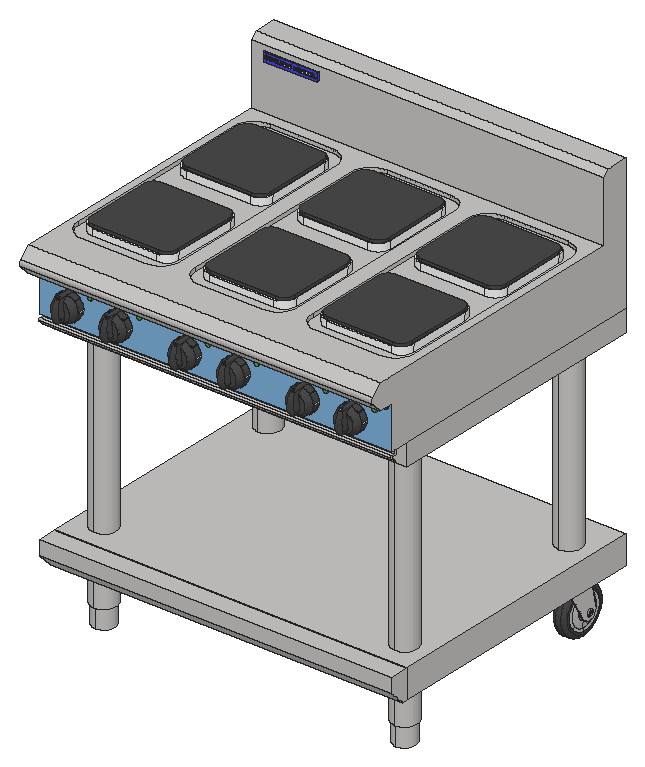
Revit family "QF_Moffat_E516S-LS_Electric_Cooktop_cat", category Specialty Equipment, Revit 2019
Family settings
  Round Connector Dimension = Use Diameter
  Part Type = Normal
  Work Plane-Based = No
  Always vertical = Yes
  Cut with Voids When Loaded = No
  Shared = No
  Room Calculation Point = No
Parameters (values of type "E516S-LS")
  Weight in Kilograms = 90
  Watts = 9130 W
  Volts = 415 V
  URL Cutsheet = ""
  Specification by User = ""
  Specification by Manufacturer = ""
  Show Logo [instance] = yes
  Show Legs [instance] = not(Show Castors)  # no
  Show Castors [instance] = yes
  Serial Number = ""
  Seismic Rating = ""
  SMACNA No = ""
  Revision Code = ""
  Phase = 3
  Number of Poles = 1
  NAFEM Spec ID Number = ""
  Model = "E516S-LS"
  Min Ckt Ampacity = 0 A
  Max Overcurrent Protection = 0 A
  Masterspec = ""
  Manufacturer = "Moffat"
  Length = 900 mm
  Item Number = ""
  Installed By = ""
  Identify Quantity as Lot = yes
  Height = 1085 mm
  HP = ""
  Furnished By = ""
  Foodservice Equipment Identifier = yes
  FL Amps = 22 A
  Electrical Remarks = ""
  Electric Connection Type = ""
  Elec Conn RI Height = 0 mm
  Elec Conn Connection Height = 0 mm
  Description = "Electric Cooktop"
  Depth = 812.2 mm
  Cycle = 60 Hz
  Conn Plug = ""
  Conn Conduit = yes
  CSI MasterFormat = ""
  Apparent Power = if(Phase = 3, Volts * FL Amps * 1.73, Volts * FL Amps)  # 15794.9 VA
Reference planes
  plane 1 "BACK": y = 0
  plane 2: z = 0
  plane 3 "LEFT": x = 0
  plane 4 "RIGHT": x = 900
  plane 5 "FRONT": y = -812.2
  plane 6 "TOP": z = 1085
  plane 7 "Center Y": x = 450
  plane 8 "Center X": y = -406.1
  plane 9: x = 65.5
  plane 10: x = 87.5
  plane 11: x = 211.766
  plane 12: y = -30
  plane 13: x = 770
  plane 14: x = 512.5
  plane 15: x = 388.234
  plane 16: x = 834.5
  plane 17: z = 150
  plane 18: y = -100
  plane 19: y = -625
  plane 20: z = 675
  plane 21: x = 812.5
  plane 22: x = 688.234
Forms (mm)
  Extrusion 1, solid, material "QF_Metal_Stainless_Polished"
    sketch origin (0, 0, 600) x (0, 1, 0) y (0, 0, 1)
      loop
        line (0, 140) -> (0, 485) -> (-55, 485) -> (-70, 470) -> (-70, 314.5) -> (-784.171, 314.5) -> (-808.685, 289.985)
        arc (-808.685, 289.985) -> (-812.2, 281.5) -> (-808.685, 273.015) r 12
        line (-808.685, 273.015) -> (-785.171, 249.5) -> (-749, 249.5) -> (-749, 140) -> (0, 140)
    from 0 to 900
  Extrusion 2, void
    sketch origin (0, -783.97, 914.5) x (0, 1, 0) y (-1, 0, 0)
      loop
        arc (683.77, -69) -> (669.125, -33.645) -> (633.77, -19) r 50
        line (633.77, -19) -> (133.569, -19)
        arc (133.569, -19) -> (98.214, -33.645) -> (83.569, -69) r 50
        line (83.569, -69) -> (83.569, -231)
        arc (83.569, -231) -> (98.214, -266.355) -> (133.569, -281) r 50
        line (133.569, -281) -> (633.77, -281)
        arc (633.77, -281) -> (669.125, -266.355) -> (683.77, -231) r 50
        line (683.77, -231) -> (683.77, -69)
      loop
        line (683.77, -831) -> (683.77, -669)
        arc (683.77, -669) -> (669.125, -633.645) -> (633.77, -619) r 50
        line (633.77, -619) -> (133.569, -619)
        arc (133.569, -619) -> (98.214, -633.645) -> (83.569, -669) r 50
        line (83.569, -669) -> (83.569, -831)
        arc (83.569, -831) -> (98.214, -866.355) -> (133.569, -881) r 50
        line (133.569, -881) -> (633.77, -881)
        arc (633.77, -881) -> (669.125, -866.355) -> (683.77, -831) r 50
      loop
        line (83.569, -369) -> (83.569, -531)
        arc (83.569, -531) -> (98.214, -566.355) -> (133.569, -581) r 50
        line (133.569, -581) -> (633.77, -581)
        arc (633.77, -581) -> (669.125, -566.355) -> (683.77, -531) r 50
        line (683.77, -531) -> (683.77, -369)
        arc (683.77, -369) -> (669.125, -333.645) -> (633.77, -319) r 50
        line (633.77, -319) -> (133.569, -319)
        arc (133.569, -319) -> (98.214, -333.645) -> (83.569, -369) r 50
    from 0 to -9.5
  Extrusion 3, solid, material "QF_Plastic_White_Smooth"
    sketch origin (0, -783.97, 905) x (0, 1, 0) y (-1, 0, 0)
      loop
        arc (647.77, -68) -> (638.397, -45.373) -> (615.77, -36) r 32
        line (615.77, -36) -> (451.569, -36)
        arc (451.569, -36) -> (428.942, -45.373) -> (419.569, -68) r 32
        line (419.569, -68) -> (419.569, -232)
        arc (419.569, -232) -> (428.942, -254.627) -> (451.569, -264) r 32
        line (451.569, -264) -> (615.77, -264)
        arc (615.77, -264) -> (638.397, -254.627) -> (647.77, -232) r 32
        line (647.77, -232) -> (647.77, -68)
      loop
        arc (347.569, -68) -> (338.197, -45.373) -> (315.569, -36) r 32
        line (315.569, -36) -> (151.569, -36)
        arc (151.569, -36) -> (128.942, -45.373) -> (119.569, -68) r 32
        line (119.569, -68) -> (119.569, -232)
        arc (119.569, -232) -> (128.942, -254.627) -> (151.569, -264) r 32
        line (151.569, -264) -> (315.569, -264)
        arc (315.569, -264) -> (338.197, -254.627) -> (347.569, -232) r 32
        line (347.569, -232) -> (347.569, -68)
      loop
        arc (647.77, -368) -> (638.397, -345.373) -> (615.77, -336) r 32
        line (615.77, -336) -> (451.569, -336)
        arc (451.569, -336) -> (428.942, -345.373) -> (419.569, -368) r 32
        line (419.569, -368) -> (419.569, -532)
        arc (419.569, -532) -> (428.942, -554.627) -> (451.569, -564) r 32
        line (451.569, -564) -> (615.77, -564)
        arc (615.77, -564) -> (638.397, -554.627) -> (647.77, -532) r 32
        line (647.77, -532) -> (647.77, -368)
      loop
        arc (419.569, -832) -> (428.942, -854.627) -> (451.569, -864) r 32
        line (451.569, -864) -> (615.77, -864)
        arc (615.77, -864) -> (638.397, -854.627) -> (647.77, -832) r 32
        line (647.77, -832) -> (647.77, -668)
        arc (647.77, -668) -> (638.397, -645.373) -> (615.77, -636) r 32
        line (615.77, -636) -> (451.569, -636)
        arc (451.569, -636) -> (428.942, -645.373) -> (419.569, -668) r 32
        line (419.569, -668) -> (419.569, -832)
      loop
        arc (347.569, -368) -> (338.197, -345.373) -> (315.569, -336) r 32
        line (315.569, -336) -> (151.569, -336)
        arc (151.569, -336) -> (128.942, -345.373) -> (119.569, -368) r 32
        line (119.569, -368) -> (119.569, -532)
        arc (119.569, -532) -> (128.942, -554.627) -> (151.569, -564) r 32
        line (151.569, -564) -> (315.569, -564)
        arc (315.569, -564) -> (338.197, -554.627) -> (347.569, -532) r 32
        line (347.569, -532) -> (347.569, -368)
      loop
        arc (119.569, -832) -> (128.942, -854.627) -> (151.569, -864) r 32
        line (151.569, -864) -> (315.569, -864)
        arc (315.569, -864) -> (338.197, -854.627) -> (347.569, -832) r 32
        line (347.569, -832) -> (347.569, -668)
        arc (347.569, -668) -> (338.197, -645.373) -> (315.569, -636) r 32
        line (315.569, -636) -> (151.569, -636)
        arc (151.569, -636) -> (128.942, -645.373) -> (119.569, -668) r 32
        line (119.569, -668) -> (119.569, -832)
    from 0 to 17.8
  Extrusion 4, solid, material "QF_Plastic_Black_Smooth"
    sketch origin (0, -783.97, 922.8) x (0, 1, 0) y (-1, 0, 0)
      loop
        arc (643.77, -67) -> (635.862, -47.908) -> (616.77, -40) r 27
        line (616.77, -40) -> (450.569, -40)
        arc (450.569, -40) -> (431.478, -47.908) -> (423.569, -67) r 27
        line (423.569, -67) -> (423.569, -233)
        arc (423.569, -233) -> (431.478, -252.092) -> (450.569, -260) r 27
        line (450.569, -260) -> (616.77, -260)
        arc (616.77, -260) -> (635.862, -252.092) -> (643.77, -233) r 27
        line (643.77, -233) -> (643.77, -67)
      loop
        arc (343.569, -67) -> (335.661, -47.908) -> (316.569, -40) r 27
        line (316.569, -40) -> (150.569, -40)
        arc (150.569, -40) -> (131.478, -47.908) -> (123.569, -67) r 27
        line (123.569, -67) -> (123.569, -233)
        arc (123.569, -233) -> (131.478, -252.092) -> (150.569, -260) r 27
        line (150.569, -260) -> (316.569, -260)
        arc (316.569, -260) -> (335.661, -252.092) -> (343.569, -233) r 27
        line (343.569, -233) -> (343.569, -67)
      loop
        line (643.77, -833) -> (643.77, -667)
        arc (643.77, -667) -> (635.862, -647.908) -> (616.77, -640) r 27
        line (616.77, -640) -> (450.569, -640)
        arc (450.569, -640) -> (431.478, -647.908) -> (423.569, -667) r 27
        line (423.569, -667) -> (423.569, -833)
        arc (423.569, -833) -> (431.478, -852.092) -> (450.569, -860) r 27
        line (450.569, -860) -> (616.77, -860)
        arc (616.77, -860) -> (635.862, -852.092) -> (643.77, -833) r 27
      loop
        line (423.569, -367) -> (423.569, -533)
        arc (423.569, -533) -> (431.478, -552.092) -> (450.569, -560) r 27
        line (450.569, -560) -> (616.77, -560)
        arc (616.77, -560) -> (635.862, -552.092) -> (643.77, -533) r 27
        line (643.77, -533) -> (643.77, -367)
        arc (643.77, -367) -> (635.862, -347.908) -> (616.77, -340) r 27
        line (616.77, -340) -> (450.569, -340)
        arc (450.569, -340) -> (431.478, -347.908) -> (423.569, -367) r 27
      loop
        line (343.569, -833) -> (343.569, -667)
        arc (343.569, -667) -> (335.661, -647.908) -> (316.569, -640) r 27
        line (316.569, -640) -> (150.569, -640)
        arc (150.569, -640) -> (131.478, -647.908) -> (123.569, -667) r 27
        line (123.569, -667) -> (123.569, -833)
        arc (123.569, -833) -> (131.478, -852.092) -> (150.569, -860) r 27
        line (150.569, -860) -> (316.569, -860)
        arc (316.569, -860) -> (335.661, -852.092) -> (343.569, -833) r 27
      loop
        line (123.569, -367) -> (123.569, -533)
        arc (123.569, -533) -> (131.478, -552.092) -> (150.569, -560) r 27
        line (150.569, -560) -> (316.569, -560)
        arc (316.569, -560) -> (335.661, -552.092) -> (343.569, -533) r 27
        line (343.569, -533) -> (343.569, -367)
        arc (343.569, -367) -> (335.661, -347.908) -> (316.569, -340) r 27
        line (316.569, -340) -> (150.569, -340)
        arc (150.569, -340) -> (131.478, -347.908) -> (123.569, -367) r 27
    from 0 to 6.1
  Extrusion 5, solid, material "QF_Metal_Stainless_Polished"
    sketch origin (0, 0, 600) x (0, 1, 0) y (0, 0, 1)
      loop
        line (-699, 85) -> (0, 85) -> (0, 140) -> (-699, 140) -> (-699, 85)
    from 0 to 900
  Extrusion 6, solid, material "QF_Metal_Stainless_Polished"
    sketch origin (0, 0, 600) x (0, 1, 0) y (0, 0, 1)
      loop
        line (-737.8, 140) -> (-737.8, 130) -> (-747.305, 130)
        arc (-747.305, 130) -> (-750.276, 128.015) -> (-749.579, 124.511) r 3.215
        line (-749.579, 124.511) -> (-739.05, 113.982) -> (-737.919, 115.113) -> (-748.447, 125.642)
        arc (-748.447, 125.642) -> (-748.797, 127.403) -> (-747.305, 128.4) r 1.615
        line (-747.305, 128.4) -> (-736.2, 128.4) -> (-736.2, 140) -> (-737.8, 140)
    from 0 to 900
  Extrusion 7, solid, material "QF_Metal_Stainless_Polished"
    sketch origin (450, 175.397, 1819.2) x (0, 1, 0) y (0, 0, 1)
      loop
        line (-874.397, -1109.2) -> (-896.434, -1109.2)
        arc (-896.434, -1109.2) -> (-898.034, -1110.8) -> (-896.434, -1112.4) r 1.6
        line (-896.434, -1112.4) -> (-874.397, -1112.4) -> (-874.397, -1109.2)
    from -400 to 400
  Extrusion 8, solid, material "QF_Paint_Green"
    sketch origin (0, -749, 740) x (0, 0, 1) y (-1, 0, 0)
      loop
        circle (84.8, -732.5) r 7.15
      loop
        circle (84.8, -857.5) r 7.15
      loop
        circle (84.8, -431.766) r 7.15
      loop
        circle (84.8, -556.766) r 7.15
      loop
        circle (84.8, -131.031) r 7.15
      loop
        circle (84.8, -256.031) r 7.15
    from 0 to 1.6
  Extrusion 9, solid, material "QF_Plastic_Black_Smooth"
    sketch origin (0, -749, 740) x (0, 0, 1) y (-1, 0, 0)
      loop
        circle (99.343, -13.157) r 5
      loop
        circle (99.343, -886.843) r 5
      loop
        circle (99.343, -87.5) r 5
      loop
        circle (99.343, -211.766) r 5
      loop
        circle (99.343, -388.238) r 5
      loop
        circle (99.343, -512.503) r 5
      loop
        circle (99.343, -688.972) r 5
      loop
        circle (99.343, -812.5) r 5
    from 0 to 1.6
  Extrusion 10, solid, material "QF_Metal_Stainless_Polished"
    sketch origin (-6096, 287.266, 675) x (0, 1, 0) y (-1, 0, 0)
      loop
        circle (-317.266, -6866) r 6.35
    from 10 to 0
  Extrusion 11, solid, material "QF_Metal_Stainless_Polished"
    sketch origin (0, 0, 0) x (0, 1, 0) y (0, 0, 1)
      loop
        line (-749, 186) -> (-713, 150) -> (-699, 150) -> (-699, 222.5) -> (-749, 222.5) -> (-749, 186)
    from 0 to 900
  Revolve 12, solid, material "QF_Metal_Stainless_Polished"
    sketch origin (65.5, -4572, -304.8) x (0, 0, -1) y (0, -1, 0)
      loop
        line (-304.8, -3947) -> (-989.8, -3947) -> (-989.8, -3978.75) -> (-354.8, -3978.75) -> (-354.8, -3974.5) -> (-304.8, -3974.5) -> (-304.8, -3947)
      axis (-989.8, -3947) -> (-304.8, -3947)
    angle from 0 to 360
  Revolve 13, solid, material "QF_Metal_Stainless_Polished"
    sketch origin (834.5, -4572, -304.8) x (0, 0, -1) y (0, 1, 0)
      loop
        line (-304.8, 3947) -> (-304.8, 3974.5) -> (-354.8, 3974.5) -> (-354.8, 3978.75) -> (-989.8, 3978.75) -> (-989.8, 3947) -> (-304.8, 3947)
      axis (-989.8, 3947) -> (-304.8, 3947)
    angle from 0 to 360
  Revolve 14, solid, material "QF_Metal_Stainless_Polished"
    sketch origin (65.5, -4047, -304.8) x (0, 0, -1) y (0, -1, 0)
      loop
        line (-527.3, -3978.75) -> (-527.3, -3947) -> (-989.8, -3947) -> (-989.8, -3978.75) -> (-527.3, -3978.75)
      axis (-989.8, -3947) -> (-527.3, -3947)
    angle from 0 to 360
  Extrusion 15, solid, material "QF_Metal_Stainless_Polished"
    sketch origin (0, 0, 0) x (0, 1, 0) y (0, 0, 1)
      loop
        line (-699, 222.5) -> (-699, 150) -> (0, 150) -> (0, 222.5) -> (-699, 222.5)
    from 0 to 900
  Revolve 16, solid, material "QF_Metal_Stainless_Polished"
    sketch origin (834.5, -4047, -304.8) x (0, 0, -1) y (0, 1, 0)
      loop
        line (-527.3, 3978.75) -> (-989.8, 3978.75) -> (-989.8, 3947) -> (-527.3, 3947) -> (-527.3, 3978.75)
      axis (-989.8, 3947) -> (-527.3, 3947)
    angle from 0 to 360
  Revolve 17, solid, material "QF_Metal_Stainless_Polished", visible <- "Show Legs"
    sketch origin (65.5, -4047, -304.8) x (0, 0, -1) y (0, -1, 0)
      loop
        line (-304.8, -3947) -> (-454.8, -3947) -> (-454.8, -3978.75) -> (-354.8, -3978.75) -> (-354.8, -3974.5) -> (-304.8, -3974.5) -> (-304.8, -3947)
      axis (-454.8, -3947) -> (-304.8, -3947)
    angle from 0 to 360
  Revolve 18, solid, material "QF_Metal_Stainless_Polished", visible <- "Show Legs"
    sketch origin (834.5, -4047, -304.8) x (0, 0, -1) y (0, -1, 0)
      loop
        line (-304.8, -3947) -> (-454.8, -3947) -> (-454.8, -3978.75) -> (-354.8, -3978.75) -> (-354.8, -3974.5) -> (-304.8, -3974.5) -> (-304.8, -3947)
      axis (-454.8, -3947) -> (-304.8, -3947)
    angle from 0 to 360
Cuts and joins
  Extrusion 2 cuts Extrusion 1
  joined: Extrusion 5, Extrusion 11
  joined: Revolve 12, Revolve 13, Extrusion 15
Lines and regions (mm)
  symbolic lines
    curve 1: line (0, 0, 0) -> (900, 0, 0)
    curve 2: line (0, -812.2, 0) -> (0, 0, 0)
    curve 3: line (900, -812.2, 0) -> (0, -812.2, 0)
    curve 4: line (900, 0, 0) -> (900, -812.2, 0)
    curve 5: line (0, -784.171, 0) -> (900, -784.171, 0)
    curve 6: line (0, -55, 0) -> (900, -55, 0)
    curve 7: line (0, -70, 0) -> (900, -70, 0)
    curve 8: arc (19, -150.2, 0) -> (33.645, -114.845, 0) -> (69, -100.2, 0) r 50
    curve 9: line (69, -100.2, 0) -> (231, -100.2, 0)
    curve 10: arc (231, -100.2, 0) -> (266.355, -114.845, 0) -> (281, -150.2, 0) r 50
    curve 11: line (281, -150.2, 0) -> (281, -650.2, 0)
    curve 12: arc (281, -650.2, 0) -> (266.355, -685.555, 0) -> (231, -700.2, 0) r 50
    curve 13: line (231, -700.2, 0) -> (69, -700.2, 0)
    curve 14: arc (69, -700.2, 0) -> (33.645, -685.555, 0) -> (19, -650.2, 0) r 50
    curve 15: line (19, -650.2, 0) -> (19, -150.2, 0)
    curve 16: line (232, -136.2, 0) -> (68, -136.2, 0)
    curve 17: arc (68, -136.2, 0) -> (45.373, -145.573, 0) -> (36, -168.2, 0) r 32
    curve 18: line (36, -168.2, 0) -> (36, -332.2, 0)
    curve 19: arc (36, -332.2, 0) -> (45.373, -354.827, 0) -> (68, -364.2, 0) r 32
    curve 20: line (68, -364.2, 0) -> (232, -364.2, 0)
    curve 21: arc (232, -364.2, 0) -> (254.627, -354.827, 0) -> (264, -332.2, 0) r 32
    curve 22: line (264, -332.2, 0) -> (264, -168.2, 0)
    curve 23: arc (264, -168.2, 0) -> (254.627, -145.573, 0) -> (232, -136.2, 0) r 32
    curve 24: line (233, -140.2, 0) -> (67, -140.2, 0)
    curve 25: arc (67, -140.2, 0) -> (47.908, -148.108, 0) -> (40, -167.2, 0) r 27
    curve 26: line (40, -167.2, 0) -> (40, -333.2, 0)
    curve 27: arc (40, -333.2, 0) -> (47.908, -352.292, 0) -> (67, -360.2, 0) r 27
    curve 28: line (67, -360.2, 0) -> (233, -360.2, 0)
    curve 29: arc (233, -360.2, 0) -> (252.092, -352.292, 0) -> (260, -333.2, 0) r 27
    curve 30: line (260, -333.2, 0) -> (260, -167.2, 0)
    curve 31: arc (260, -167.2, 0) -> (252.092, -148.108, 0) -> (233, -140.2, 0) r 27
    curve 32: line (232, -436.2, 0) -> (68, -436.2, 0)
    curve 33: arc (68, -436.2, 0) -> (45.373, -445.573, 0) -> (36, -468.2, 0) r 32
    curve 34: line (36, -468.2, 0) -> (36, -632.2, 0)
    curve 35: arc (36, -632.2, 0) -> (45.373, -654.827, 0) -> (68, -664.2, 0) r 32
    curve 36: line (68, -664.2, 0) -> (232, -664.2, 0)
    curve 37: arc (232, -664.2, 0) -> (254.627, -654.827, 0) -> (264, -632.2, 0) r 32
    curve 38: line (264, -632.2, 0) -> (264, -468.2, 0)
    curve 39: arc (264, -468.2, 0) -> (254.627, -445.573, 0) -> (232, -436.2, 0) r 32
    curve 40: line (233, -440.2, 0) -> (67, -440.2, 0)
    curve 41: arc (67, -440.2, 0) -> (47.908, -448.108, 0) -> (40, -467.2, 0) r 27
    curve 42: line (40, -467.2, 0) -> (40, -633.2, 0)
    curve 43: arc (40, -633.2, 0) -> (47.908, -652.292, 0) -> (67, -660.2, 0) r 27
    curve 44: line (67, -660.2, 0) -> (233, -660.2, 0)
    curve 45: arc (233, -660.2, 0) -> (252.092, -652.292, 0) -> (260, -633.2, 0) r 27
    curve 46: line (260, -633.2, 0) -> (260, -467.2, 0)
    curve 47: arc (260, -467.2, 0) -> (252.092, -448.108, 0) -> (233, -440.2, 0) r 27
    curve 48: arc (367, -440.2, 0) -> (347.908, -448.108, 0) -> (340, -467.2, 0) r 27
    curve 49: line (340, -467.2, 0) -> (340, -633.2, 0)
    curve 50: arc (340, -633.2, 0) -> (347.908, -652.292, 0) -> (367, -660.2, 0) r 27
    curve 51: line (367, -660.2, 0) -> (533, -660.2, 0)
    curve 52: arc (533, -660.2, 0) -> (552.092, -652.292, 0) -> (560, -633.2, 0) r 27
    curve 53: line (560, -633.2, 0) -> (560, -467.2, 0)
    curve 54: arc (560, -467.2, 0) -> (552.092, -448.108, 0) -> (533, -440.2, 0) r 27
    curve 55: line (533, -440.2, 0) -> (367, -440.2, 0)
    curve 56: arc (368, -436.2, 0) -> (345.373, -445.573, 0) -> (336, -468.2, 0) r 32
    curve 57: line (336, -468.2, 0) -> (336, -632.2, 0)
    curve 58: arc (336, -632.2, 0) -> (345.373, -654.827, 0) -> (368, -664.2, 0) r 32
    curve 59: line (368, -664.2, 0) -> (532, -664.2, 0)
    curve 60: arc (532, -664.2, 0) -> (554.627, -654.827, 0) -> (564, -632.2, 0) r 32
    curve 61: line (564, -632.2, 0) -> (564, -468.2, 0)
    curve 62: arc (564, -468.2, 0) -> (554.627, -445.573, 0) -> (532, -436.2, 0) r 32
    curve 63: line (532, -436.2, 0) -> (368, -436.2, 0)
    curve 64: line (319, -650.2, 0) -> (319, -150.2, 0)
    curve 65: arc (319, -150.2, 0) -> (333.645, -114.845, 0) -> (369, -100.2, 0) r 50
    curve 66: line (369, -100.2, 0) -> (531, -100.2, 0)
    curve 67: arc (531, -100.2, 0) -> (566.355, -114.845, 0) -> (581, -150.2, 0) r 50
    curve 68: line (581, -150.2, 0) -> (581, -650.2, 0)
    curve 69: arc (581, -650.2, 0) -> (566.355, -685.555, 0) -> (531, -700.2, 0) r 50
    curve 70: line (531, -700.2, 0) -> (369, -700.2, 0)
    curve 71: arc (369, -700.2, 0) -> (333.645, -685.555, 0) -> (319, -650.2, 0) r 50
    curve 72: arc (368, -136.2, 0) -> (345.373, -145.573, 0) -> (336, -168.2, 0) r 32
    curve 73: line (336, -168.2, 0) -> (336, -332.2, 0)
    curve 74: arc (336, -332.2, 0) -> (345.373, -354.827, 0) -> (368, -364.2, 0) r 32
    curve 75: line (368, -364.2, 0) -> (532, -364.2, 0)
    curve 76: arc (532, -364.2, 0) -> (554.627, -354.827, 0) -> (564, -332.2, 0) r 32
    curve 77: line (564, -332.2, 0) -> (564, -168.2, 0)
    curve 78: arc (564, -168.2, 0) -> (554.627, -145.573, 0) -> (532, -136.2, 0) r 32
    curve 79: line (532, -136.2, 0) -> (368, -136.2, 0)
    curve 80: arc (367, -140.2, 0) -> (347.908, -148.108, 0) -> (340, -167.2, 0) r 27
    curve 81: line (340, -167.2, 0) -> (340, -333.2, 0)
    curve 82: arc (340, -333.2, 0) -> (347.908, -352.292, 0) -> (367, -360.2, 0) r 27
    curve 83: line (367, -360.2, 0) -> (533, -360.2, 0)
    curve 84: arc (533, -360.2, 0) -> (552.092, -352.292, 0) -> (560, -333.2, 0) r 27
    curve 85: line (560, -333.2, 0) -> (560, -167.2, 0)
    curve 86: arc (560, -167.2, 0) -> (552.092, -148.108, 0) -> (533, -140.2, 0) r 27
    curve 87: line (533, -140.2, 0) -> (367, -140.2, 0)
    curve 88: line (619, -650.2, 0) -> (619, -150.2, 0)
    curve 89: arc (619, -150.2, 0) -> (633.645, -114.845, 0) -> (669, -100.2, 0) r 50
    curve 90: line (669, -100.2, 0) -> (831, -100.2, 0)
    curve 91: arc (831, -100.2, 0) -> (866.355, -114.845, 0) -> (881, -150.2, 0) r 50
    curve 92: line (881, -150.2, 0) -> (881, -650.2, 0)
    curve 93: arc (881, -650.2, 0) -> (866.355, -685.555, 0) -> (831, -700.2, 0) r 50
    curve 94: line (831, -700.2, 0) -> (669, -700.2, 0)
    curve 95: arc (669, -700.2, 0) -> (633.645, -685.555, 0) -> (619, -650.2, 0) r 50
    curve 96: arc (636, -632.2, 0) -> (645.373, -654.827, 0) -> (668, -664.2, 0) r 32
    curve 97: line (668, -664.2, 0) -> (832, -664.2, 0)
    curve 98: arc (832, -664.2, 0) -> (854.627, -654.827, 0) -> (864, -632.2, 0) r 32
    curve 99: line (864, -632.2, 0) -> (864, -468.2, 0)
    curve 100: arc (864, -468.2, 0) -> (854.627, -445.573, 0) -> (832, -436.2, 0) r 32
    curve 101: line (832, -436.2, 0) -> (668, -436.2, 0)
    curve 102: arc (668, -436.2, 0) -> (645.373, -445.573, 0) -> (636, -468.2, 0) r 32
    curve 103: line (636, -468.2, 0) -> (636, -632.2, 0)
    curve 104: arc (640, -633.2, 0) -> (647.908, -652.292, 0) -> (667, -660.2, 0) r 27
    curve 105: line (667, -660.2, 0) -> (833, -660.2, 0)
    curve 106: arc (833, -660.2, 0) -> (852.092, -652.292, 0) -> (860, -633.2, 0) r 27
    curve 107: line (860, -633.2, 0) -> (860, -467.2, 0)
    curve 108: arc (860, -467.2, 0) -> (852.092, -448.108, 0) -> (833, -440.2, 0) r 27
    curve 109: line (833, -440.2, 0) -> (667, -440.2, 0)
    curve 110: arc (667, -440.2, 0) -> (647.908, -448.108, 0) -> (640, -467.2, 0) r 27
    curve 111: line (640, -467.2, 0) -> (640, -633.2, 0)
    curve 112: line (832, -136.2, 0) -> (668, -136.2, 0)
    curve 113: arc (668, -136.2, 0) -> (645.373, -145.573, 0) -> (636, -168.2, 0) r 32
    curve 114: line (636, -168.2, 0) -> (636, -332.2, 0)
    curve 115: arc (636, -332.2, 0) -> (645.373, -354.827, 0) -> (668, -364.2, 0) r 32
    curve 116: line (668, -364.2, 0) -> (832, -364.2, 0)
    curve 117: arc (832, -364.2, 0) -> (854.627, -354.827, 0) -> (864, -332.2, 0) r 32
    curve 118: line (864, -332.2, 0) -> (864, -168.2, 0)
    curve 119: arc (864, -168.2, 0) -> (854.627, -145.573, 0) -> (832, -136.2, 0) r 32
    curve 120: line (833, -140.2, 0) -> (667, -140.2, 0)
    curve 121: arc (667, -140.2, 0) -> (647.908, -148.108, 0) -> (640, -167.2, 0) r 27
    curve 122: line (640, -167.2, 0) -> (640, -333.2, 0)
    curve 123: arc (640, -333.2, 0) -> (647.908, -352.292, 0) -> (667, -360.2, 0) r 27
    curve 124: line (667, -360.2, 0) -> (833, -360.2, 0)
    curve 125: arc (833, -360.2, 0) -> (852.092, -352.292, 0) -> (860, -333.2, 0) r 27
    curve 126: line (860, -333.2, 0) -> (860, -167.2, 0)
    curve 127: arc (860, -167.2, 0) -> (852.092, -148.108, 0) -> (833, -140.2, 0) r 27
Dimensions and locks
  equal spacing: plane 3 "LEFT", plane 7 "Center Y", plane 4 "RIGHT"
  "Length": plane 3 "LEFT" to plane 4 "RIGHT"
  equal spacing: plane 5 "FRONT", plane 8 "Center X", plane 1 "BACK"
  "Depth": plane 5 "FRONT" to plane 1 "BACK"
  "Height": plane 6 "TOP" to level
  plane 4 "RIGHT" to plane 3 "LEFT" = 900 mm
  plane 1 "BACK" to cut or joined group of Extrusion 1, Extrusion 2 = 70 mm
  plane 1 "BACK" to plane 5 "FRONT" = 812.2 mm
  plane 6 "TOP" to plane 2 = 1085 mm
  cut or joined group of Extrusion 1, Extrusion 2 to plane 2 = 914.5 mm
  locked: plane 13 to plane 4 "RIGHT" at 130
  plane 9 to plane 16 = 769 mm
  plane 17 to plane 2 = 150 mm
  plane 1 "BACK" to plane 18 = 100 mm
  plane 18 to plane 19 = 525 mm
  plane 20 to plane 2 = 675 mm
  plane 1 "BACK" to plane 12 = 30 mm
  aligned and locked: level to plane 2
Automatic sketch dimensions
  plane 1 "BACK" to curve 1 = 0 mm
  curve 1 to plane 3 "LEFT" = 0 mm
  curve 4 to plane 4 "RIGHT" = 0 mm
  plane 5 "FRONT" to curve 3 = 0 mm
  plane 3 "LEFT" to curve 15 = 19 mm
  curve 8 to curve 18 = 17 mm
  plane 9 to curve 34 = 29.5 mm
  curve 35 to curve 42 = 4 mm
  curve 17 to curve 26 = 4 mm
  curve 27 to plane 9 = 1.5 mm
  curve 25 to plane 9 = 1.5 mm
  curve 43 to plane 9 = 1.5 mm
  curve 41 to plane 9 = 1.5 mm
  curve 25 to curve 17 = 1 mm
  curve 27 to curve 19 = 1 mm
  curve 36 to plane 9 = 2.5 mm
  curve 41 to curve 33 = 1 mm
  curve 8 to plane 9 = 3.5 mm
  curve 13 to plane 9 = 3.5 mm
  plane 11 to curve 10 = 19.234 mm
  plane 11 to curve 13 = 19.234 mm
  plane 11 to curve 39 = 20.234 mm
  curve 12 to curve 37 = 1 mm
  plane 11 to curve 20 = 20.234 mm
  curve 10 to curve 16 = 1 mm
  curve 37 to curve 44 = 1 mm
  curve 16 to curve 24 = 1 mm
  curve 39 to curve 47 = 1 mm  (x2)
  curve 21 to curve 28 = 1 mm
  curve 29 to curve 30 = 27 mm
  curve 47 to curve 46 = 27 mm
  curve 47 to curve 38 = 4 mm
  curve 30 to curve 22 = 4 mm
  curve 22 to curve 11 = 17 mm
  curve 12 to curve 64 = 38 mm
  curve 65 to curve 73 = 17 mm
  plane 15 to curve 57 = 52.234 mm
  curve 56 to curve 49 = 4 mm
  curve 72 to curve 81 = 4 mm
  plane 19 to curve 50 = 8.2 mm
  plane 15 to curve 50 = 21.234 mm
  plane 15 to curve 83 = 21.234 mm
  plane 15 to curve 80 = 21.234 mm
  plane 15 to curve 55 = 21.234 mm
  curve 50 to curve 58 = 1 mm
  curve 48 to curve 56 = 1 mm
  curve 80 to curve 79 = 1 mm
  curve 82 to curve 75 = 1 mm
  curve 51 to curve 71 = 2 mm
  plane 18 to curve 66 = 0.2 mm
  plane 15 to curve 66 = 19.234 mm
  plane 14 to curve 70 = 18.5 mm
  plane 14 to curve 66 = 18.5 mm
  plane 14 to curve 75 = 19.5 mm
  curve 69 to curve 59 = 1 mm
  curve 67 to curve 79 = 1 mm
  plane 14 to curve 62 = 19.5 mm
  curve 62 to curve 55 = 1 mm
  curve 75 to curve 83 = 1 mm
  curve 78 to curve 86 = 1 mm
  curve 60 to curve 52 = 1 mm
  curve 54 to curve 53 = 27 mm
  curve 86 to curve 85 = 27 mm
  curve 86 to curve 77 = 4 mm
  curve 54 to curve 61 = 4 mm
  curve 60 to curve 68 = 17 mm
  curve 67 to curve 88 = 38 mm
  plane 22 to curve 103 = 52.234 mm
  plane 22 to curve 114 = 52.234 mm
  curve 96 to curve 111 = 4 mm
  curve 114 to curve 122 = 4 mm
  plane 22 to curve 123 = 21.234 mm
  plane 22 to curve 121 = 21.234 mm
  plane 22 to curve 110 = 21.234 mm
  plane 22 to curve 105 = 21.234 mm
  curve 104 to curve 97 = 1 mm
  curve 123 to curve 116 = 1 mm
  curve 121 to curve 112 = 1 mm
  curve 110 to curve 101 = 1 mm
  plane 22 to curve 94 = 19.234 mm
  curve 121 to curve 89 = 2 mm
  plane 18 to curve 90 = 0.2 mm
  curve 90 to plane 16 = 3.5 mm
  curve 93 to plane 16 = 3.5 mm
  curve 119 to plane 16 = 2.5 mm
  curve 116 to plane 16 = 2.5 mm
  curve 97 to plane 16 = 2.5 mm
  curve 101 to plane 16 = 2.5 mm
  curve 100 to curve 108 = 1 mm
  curve 120 to plane 16 = 1.5 mm
  curve 98 to curve 106 = 1 mm
  curve 117 to curve 125 = 1 mm
  plane 16 to curve 126 = 25.5 mm
  plane 16 to curve 107 = 25.5 mm
  curve 108 to curve 99 = 4 mm
  curve 126 to curve 118 = 4 mm
  plane 4 "RIGHT" to curve 92 = 19 mm
  plane 19 to curve 94 = 75.2 mm
  plane 19 to curve 13 = 75.2 mm
  curve 70 to curve 50 = 40 mm
  curve 97 to curve 93 = 14 mm
  curve 59 to curve 52 = 4 mm
  curve 36 to curve 14 = 14 mm
  curve 37 to curve 44 = 4 mm
  curve 97 to curve 105 = 4 mm
  curve 39 to plane 8 "Center X" = 62.1 mm
  curve 56 to plane 8 "Center X" = 62.1 mm
  curve 103 to plane 8 "Center X" = 62.1 mm
  curve 56 to curve 48 = 1 mm
  curve 102 to curve 110 = 1 mm
  plane 8 "Center X" to curve 116 = 41.9 mm
  plane 8 "Center X" to curve 20 = 41.9 mm
  plane 8 "Center X" to curve 75 = 41.9 mm
  curve 116 to curve 124 = 4 mm
  curve 75 to curve 83 = 4 mm
  curve 21 to curve 28 = 4 mm
  plane 18 to curve 17 = 68.2 mm
  curve 72 to curve 65 = 18 mm
  curve 114 to curve 89 = 18 mm
  curve 72 to curve 80 = 1 mm
  curve 114 to curve 122 = 1 mm
  curve 17 to curve 25 = 1 mm
  curve 10 to curve 24 = 10 mm
  curve 2 to curve 5 = 28.029 mm
  curve 7 to plane 18 = 30 mm
  curve 7 to curve 6 = 15 mm
  Extrusion 1 sketch curve to plane 6 "TOP" = 0 mm
  Extrusion 1 sketch curve to plane 1 "BACK" = 0 mm
  plane 12 to Extrusion 1 sketch curve = 25 mm
  Extrusion 1 sketch curve to plane 6 "TOP" = 15 mm
  Extrusion 1 sketch curve to Extrusion 1 sketch curve = 15 mm
  Extrusion 1 sketch curve to plane 5 "FRONT" = 63.2 mm
  Extrusion 1 sketch curve to plane 5 "FRONT" = 28.029 mm
  Extrusion 1 sketch curve to plane 5 "FRONT" = 27.029 mm
  Extrusion 1 sketch curve to plane 5 "FRONT" = 12 mm
  Extrusion 1 sketch curve to plane 5 "FRONT" = 3.515 mm  (x2)
  Extrusion 1 sketch curve to plane 6 "TOP" = 170.5 mm
  Extrusion 1 sketch curve to Extrusion 1 sketch curve = 24.515 mm
  Extrusion 1 sketch curve to Extrusion 1 sketch curve = 8.485 mm
  Extrusion 1 sketch curve to Extrusion 1 sketch curve = 32 mm
  plane 20 to Extrusion 1 sketch curve = 65 mm
  Extrusion 2 sketch curve to Extrusion 1 = 83.77 mm  (x3)
  Extrusion 2 sketch curve to Extrusion 2 sketch curve = 50 mm  (x4)
  Extrusion 2 sketch curve to Extrusion 2 sketch curve = 0 mm  (x4)
  Extrusion 1 to Extrusion 2 sketch curve = 19 mm  (x2)
  Extrusion 1 to Extrusion 2 sketch curve = 80.2 mm  (x4)
  Extrusion 1 to Extrusion 2 sketch curve = 30.2 mm  (x3)
  Extrusion 2 sketch curve to Extrusion 2 sketch curve = 162 mm  (x2)
  Extrusion 2 sketch curve to Extrusion 2 sketch curve = 38 mm  (x2)
  Extrusion 3 sketch curve to Extrusion 2 = 36 mm  (x3)
  Extrusion 3 sketch curve to Extrusion 3 sketch curve = 32 mm  (x17)
  Extrusion 3 sketch curve to Extrusion 2 = 17 mm  (x9)
  Extrusion 3 sketch curve to Extrusion 2 = 49 mm  (x5)
  Extrusion 3 sketch curve to Extrusion 3 sketch curve = 164 mm  (x3)
  Extrusion 3 sketch curve to Extrusion 3 sketch curve = 0 mm  (x2)
  Extrusion 3 sketch curve to Extrusion 3 sketch curve = 72 mm  (x3)
  Extrusion 3 sketch curve to Extrusion 2 = 68 mm  (x6)
  Extrusion 4 sketch curve to Extrusion 3 = 4 mm  (x22)
  Extrusion 4 sketch curve to Extrusion 3 = 31 mm  (x22)
  Extrusion 4 sketch curve to Extrusion 4 sketch curve = 27 mm  (x4)
  Extrusion 5 sketch curve to plane 1 "BACK" = 0 mm
  plane 20 to Extrusion 5 sketch curve = 10 mm
  plane 19 to Extrusion 5 sketch curve = 74 mm
  Extrusion 5 sketch curve to Extrusion 5 sketch curve = 55 mm
  Extrusion 6 sketch curve to Extrusion 6 sketch curve = 0 mm  (x2)
  Extrusion 6 sketch curve to plane 5 "FRONT" = 62.621 mm
  Extrusion 6 sketch curve to Extrusion 6 sketch curve = 1.131 mm  (x2)
  Extrusion 6 sketch curve to Extrusion 6 sketch curve = 1.142 mm  (x2)
  plane 20 to Extrusion 6 sketch curve = 38.982 mm
  Extrusion 6 sketch curve to Extrusion 6 sketch curve = 10.529 mm
  plane 20 to Extrusion 6 sketch curve = 40.113 mm
  Extrusion 6 sketch curve to Extrusion 6 sketch curve = 9.505 mm
  Extrusion 6 sketch curve to Extrusion 6 sketch curve = 1.6 mm
  Extrusion 6 sketch curve to Extrusion 6 sketch curve = 10 mm
  plane 20 to Extrusion 7 sketch curve = 35 mm
  Extrusion 7 sketch curve to plane 5 "FRONT" = 91.163 mm
  Extrusion 7 sketch curve to Extrusion 7 sketch curve = 22.037 mm
  Extrusion 7 sketch curve to Extrusion 7 sketch curve = 1.6 mm
  Extrusion 1 to Extrusion 8 sketch curve = 24.7 mm  (x6)
  Extrusion 1 to Extrusion 8 sketch curve = 42.5 mm
  Extrusion 8 sketch curve to Extrusion 8 sketch curve = 125 mm  (x3)
  Extrusion 8 sketch curve to Extrusion 8 sketch curve = 175.734 mm  (x2)
  plane 12 to Extrusion 10 sketch curve = 0 mm
  Extrusion 10 sketch curve to plane 13 = 0 mm
  Extrusion 11 sketch curve to plane 17 = 0 mm
  Extrusion 11 sketch curve to plane 5 "FRONT" = 63.2 mm
  Extrusion 11 sketch curve to Extrusion 11 sketch curve = 36 mm
  Extrusion 11 sketch curve to Extrusion 11 sketch curve = 14 mm
  plane 17 to Extrusion 11 sketch curve = 36 mm
  Extrusion 11 sketch curve to Extrusion 11 sketch curve = 36.5 mm
  Revolve 12 sketch curve to plane 19 = 0 mm  (x2)
  Revolve 12 sketch curve to level = 0 mm  (x2)
  Revolve 12 sketch curve to Revolve 12 sketch curve = 50 mm
  plane 20 to Revolve 12 sketch curve = 10 mm
  Revolve 12 sketch curve to plane 19 = 27.5 mm
  Revolve 12 sketch curve to Revolve 12 sketch curve = 31.75 mm
  Revolve 12 sketch curve to Revolve 12 sketch curve = 35 mm
  Revolve 13 sketch curve to plane 19 = 0 mm  (x2)
  Revolve 13 sketch curve to level = 0 mm  (x2)
  level to Revolve 13 sketch curve = 50 mm
  plane 20 to Revolve 13 sketch curve = 10 mm
  Revolve 13 sketch curve to Revolve 13 sketch curve = 27.5 mm
  Revolve 13 sketch curve to Revolve 13 sketch curve = 31.75 mm
  Revolve 13 sketch curve to Revolve 13 sketch curve = 35 mm
  Revolve 14 sketch curve to plane 18 = 0 mm  (x2)
  plane 20 to Revolve 14 sketch curve = 10 mm
  Revolve 14 sketch curve to plane 18 = 31.75 mm
  plane 17 to Revolve 14 sketch curve = 72.5 mm
  Revolve 14 sketch curve to Revolve 14 sketch curve = 0 mm
  Revolve 14 sketch curve to Revolve 14 sketch curve = 35 mm
  Extrusion 15 sketch curve to plane 17 = 0 mm
  Extrusion 15 sketch curve to plane 1 "BACK" = 0 mm
  plane 19 to Extrusion 15 sketch curve = 74 mm
  Extrusion 15 sketch curve to Extrusion 15 sketch curve = 72.5 mm
  Revolve 16 sketch curve to plane 18 = 0 mm  (x2)
  plane 20 to Revolve 16 sketch curve = 10 mm
  Revolve 16 sketch curve to plane 18 = 31.75 mm
  plane 17 to Revolve 16 sketch curve = 72.5 mm
  Revolve 16 sketch curve to Revolve 16 sketch curve = 0 mm
  Revolve 16 sketch curve to Revolve 16 sketch curve = 35 mm
  Revolve 17 sketch curve to plane 17 = 0 mm
  Revolve 17 sketch curve to level = 0 mm  (x2)
  Revolve 17 sketch curve to plane 18 = 0 mm  (x2)
  Revolve 17 sketch curve to Revolve 17 sketch curve = 50 mm
  Revolve 17 sketch curve to plane 18 = 27.5 mm
  Revolve 17 sketch curve to Revolve 17 sketch curve = 31.75 mm
  Revolve 17 sketch curve to level = 35 mm
  Revolve 18 sketch curve to plane 17 = 0 mm
  Revolve 18 sketch curve to level = 0 mm  (x2)
  Revolve 18 sketch curve to plane 18 = 0 mm  (x2)
  Revolve 18 sketch curve to Revolve 18 sketch curve = 50 mm
  Revolve 18 sketch curve to plane 18 = 27.5 mm
  Revolve 18 sketch curve to Revolve 18 sketch curve = 31.75 mm
  Revolve 18 sketch curve to level = 35 mm
  Extrusion 1 to Extrusion 9 sketch curve = 10.157 mm  (x8)
  Extrusion 1 to Extrusion 9 sketch curve = 13.157 mm  (x2)
  Extrusion 9 sketch curve to Extrusion 9 sketch curve = 74.343 mm
  Extrusion 9 sketch curve to Extrusion 9 sketch curve = 123.528 mm
  Extrusion 9 sketch curve to Extrusion 9 sketch curve = 176.469 mm
  Extrusion 9 sketch curve to Extrusion 9 sketch curve = 124.266 mm
  Extrusion 9 sketch curve to Extrusion 9 sketch curve = 176.472 mm
  Extrusion 1 to Extrusion 9 sketch curve = 87.5 mm
  radius of Extrusion 8 sketch curve = 7.15 mm  (x6)
  radius of Extrusion 10 sketch curve = 6.35 mm
  radius of Extrusion 9 sketch curve = 5 mm  (x8)
Nested families
  nested 1: "Knob" at (55.003, -749, 762.803), type "Knob"
  nested 2: "Knob" at (179.269, -749, 762.803), type "Knob"
  nested 3: "QF_LOGO_BLue Seal" at (32, -70, 1033.885), visible <- "Show Logo", type "QF_LOGO_BLue Seal"
  nested 4: "Knob" at (355.738, -749, 762.803), type "Knob"
  nested 5: "Knob" at (480.003, -749, 762.803), type "Knob"
  nested 6: "6 INCHES 02_CASTER" at (834.5, -100, 0), Show Casters <- "Show Castors", type "6 INCHES 02_CASTER"
    with Type Mark "", Specification by User "", Show Casters yes, Revision Code "", Item Number "", Installed By "", Identify Quantity as Lot yes, Furnished By "", Foodservice Equipment Identifier yes
  nested 7: "6 INCHES 02_CASTER" at (65.5, -100, 0), Show Casters <- "Show Castors", type "6 INCHES 02_CASTER"
    with Type Mark "", Specification by User "", Show Casters yes, Revision Code "", Item Number "", Installed By "", Identify Quantity as Lot yes, Furnished By "", Foodservice Equipment Identifier yes
  nested 8: "Knob" at (656.472, -749, 762.803), type "Knob"
  nested 9: "Knob" at (780, -749, 762.803), type "Knob"
Connectors
  electrical at (770, -30, 675), driven by "Volts", driven by "Watts"
    settings: on Extrusion 10, index 1, voltage 415 V, apparent load 9130 VA, apparent load phase1 0 VA, apparent load phase2 0 VA, apparent load phase3 0 VA, power factor 1, load classification "Other", number of poles 1, system type 30, power factor state 1, is connector primary yes, connector utility no, sub classification motor no, connector description "Electrical Connection"
Definition of nested family "Knob"
  Parameters (values of type "Knob")
    Weight in Pounds = 0
    URL Cutsheet = ""
    Specification by User = ""
    Specification by Manufacturer = ""
    Serial Number = ""
    Seismic Rating = ""
    SMACNA No = ""
    Revision Code = ""
    NAFEM Spec ID Number = ""
    Masterspec = ""
    Length = 65 mm
    Item Number = ""
    Installed By = ""
    Identify Quantity as Lot = yes
    Height = 69.5 mm
    Furnished By = ""
    Foodservice Equipment Identifier = yes
    Depth = 59 mm
    CSI MasterFormat = ""
  Reference planes
    plane 1 "BACK": y = 0
    plane 2: z = 0
    plane 3 "LEFT": x = 0
    plane 4 "RIGHT": x = 65
    plane 5 "FRONT": y = -59
    plane 6 "TOP": z = 69.5
    plane 7 "Center Y": x = 32.5
    plane 8 "Center X": y = -29.5
  Forms (mm)
    Revolve 1, solid
      sketch origin (32.5, 175.397, 1219.2) x (0, 1, 0) y (0, 0, 1)
        loop
          line (-175.397, -1186.7) -> (-219.397, -1186.7) -> (-219.397, -1211.501) -> (-202.106, -1219.2) -> (-185.397, -1219.2) -> (-185.397, -1191.7) -> (-175.397, -1191.7) -> (-175.397, -1186.7)
        axis (-219.397, -1186.7) -> (-175.397, -1186.7)
      angle from 0 to 360
    Extrusion 2, solid
      sketch origin (32.5, 175.397, 1219.2) x (0, 1, 0) y (0, 0, 1)
        loop
          line (-202.106, -1154.2) -> (-185.397, -1154.2) -> (-185.397, -1149.7) -> (-224.105, -1149.7)
          arc (-224.105, -1149.7) -> (-233.965, -1178.467) -> (-230.696, -1208.7) r 70
          line (-230.696, -1208.7) -> (-219.397, -1208.7) -> (-219.397, -1161.899) -> (-202.106, -1154.2)
      from -15 to 15
    Extrusion 3, void
      sketch origin (0, 0, 0) x (1, 0, 0) y (0, 0, 1)
        loop
          line (27.501, 64.613) -> (22.02, 20.585)
          arc (22.02, 20.585) -> (32.792, 10.488) -> (42.986, 21.169) r 10.487
          line (42.986, 21.169) -> (37.499, 64.613)
          arc (37.499, 64.613) -> (32.5, 69.5) -> (27.501, 64.613) r 5
        loop
          line (10, 72.977) -> (10, 5.625) -> (55, 5.625) -> (55, 72.977) -> (10, 72.977)
      from 6.142 to 69.687
    Extrusion 4, solid
      sketch origin (0, -34.115, -16.916) x (1, 0, 0) y (0, 0.45399, 0.891007)
        loop
          circle (32.497, 65) r 2
      from 51.525 to 53.075
    Extrusion 5, solid
      sketch origin (32.5, -10, 32.5) x (0, 0, -1) y (-1, 0, 0)
        loop
          line (-23.54, -22.408) -> (-24.106, -22.974)
          arc (-24.106, -22.974) -> (-23.547, -23.547) -> (-22.974, -24.106) r 33.3
          line (-22.974, -24.106) -> (-22.408, -23.54)
          arc (-22.408, -23.54) -> (-22.981, -22.981) -> (-23.54, -22.408) r 32.5
        loop
          arc (-0.8, -33.29) -> (0, -33.3) -> (0.8, -33.29) r 33.3
          line (0.8, -33.29) -> (0.8, -32.49)
          arc (0.8, -32.49) -> (0, -32.5) -> (-0.8, -32.49) r 32.5
          line (-0.8, -32.49) -> (-0.8, -33.29)
        loop
          arc (23.54, -22.408) -> (22.981, -22.981) -> (22.408, -23.54) r 32.5
          line (22.408, -23.54) -> (22.974, -24.106)
          arc (22.974, -24.106) -> (23.547, -23.547) -> (24.106, -22.974) r 33.3
          line (24.106, -22.974) -> (23.54, -22.408)
        loop
          arc (-23.54, 22.408) -> (-22.981, 22.981) -> (-22.408, 23.54) r 32.5
          line (-22.408, 23.54) -> (-22.974, 24.106)
          arc (-22.974, 24.106) -> (-23.547, 23.547) -> (-24.106, 22.974) r 33.3
          line (-24.106, 22.974) -> (-23.54, 22.408)
        loop
          line (-0.8, 33.29) -> (-0.8, 32.49)
          arc (-0.8, 32.49) -> (0, 32.5) -> (0.8, 32.49) r 32.5
          line (0.8, 32.49) -> (0.8, 33.29)
          arc (0.8, 33.29) -> (0, 33.3) -> (-0.8, 33.29) r 33.3
        loop
          line (32.49, -0.8) -> (33.29, -0.8)
          arc (33.29, -0.8) -> (33.3, 0) -> (33.29, 0.8) r 33.3
          line (33.29, 0.8) -> (32.49, 0.8)
          arc (32.49, 0.8) -> (32.5, 0) -> (32.49, -0.8) r 32.5
        loop
          arc (24.106, 22.974) -> (23.547, 23.547) -> (22.974, 24.106) r 33.3
          line (22.974, 24.106) -> (22.408, 23.54)
          arc (22.408, 23.54) -> (22.981, 22.981) -> (23.54, 22.408) r 32.5
          line (23.54, 22.408) -> (24.106, 22.974)
      from 0 to -16.709
  Cuts and joins
    Extrusion 3 cuts Extrusion 2
  Dimensions and locks
    equal spacing: plane 3 "LEFT", plane 7 "Center Y", plane 4 "RIGHT"
    "Length": plane 3 "LEFT" to plane 4 "RIGHT"
    equal spacing: plane 5 "FRONT", plane 8 "Center X", plane 1 "BACK"
    "Depth": plane 5 "FRONT" to plane 1 "BACK"
    "Height": plane 6 "TOP" to level
    plane 4 "RIGHT" to plane 3 "LEFT" = 65 mm
    aligned and locked: level to plane 2
  Automatic sketch dimensions
    Revolve 1 sketch curve to level = 0 mm
    Revolve 1 sketch curve to plane 1 "BACK" = 0 mm  (x2)
    plane 1 "BACK" to Revolve 1 sketch curve = 10 mm
    plane 8 "Center X" to Revolve 1 sketch curve = 2.791 mm
    Revolve 1 sketch curve to plane 8 "Center X" = 14.5 mm
    level to Revolve 1 sketch curve = 7.699 mm
    level to Revolve 1 sketch curve = 27.5 mm
    Revolve 1 sketch curve to Revolve 1 sketch curve = 5 mm
    Revolve 1 sketch curve to Revolve 1 sketch curve = 35 mm
    Revolve 1 sketch curve to Revolve 1 sketch curve = 0 mm
    Extrusion 2 sketch curve to plane 6 "TOP" = 0 mm
    Extrusion 2 sketch curve to plane 5 "FRONT" = 3.702 mm
    Extrusion 2 sketch curve to plane 5 "FRONT" = 10.293 mm
    Extrusion 2 sketch curve to Extrusion 2 sketch curve = 11.298 mm
    plane 8 "Center X" to Extrusion 2 sketch curve = 2.791 mm
    plane 1 "BACK" to Extrusion 2 sketch curve = 10 mm
    Extrusion 2 sketch curve to plane 1 "BACK" = 11 mm
    Extrusion 2 sketch curve to plane 6 "TOP" = 4.5 mm
    Extrusion 2 sketch curve to plane 6 "TOP" = 12.199 mm
    level to Extrusion 2 sketch curve = 32.962 mm
    level to Extrusion 3 sketch curve = 5.625 mm
    Extrusion 3 sketch curve to plane 7 "Center Y" = 0 mm  (x2)
    Extrusion 3 sketch curve to plane 7 "Center Y" = 4.999 mm
    Extrusion 3 sketch curve to plane 7 "Center Y" = 10.48 mm
    plane 6 "TOP" to Extrusion 3 sketch curve = 3.477 mm
    plane 3 "LEFT" to Extrusion 3 sketch curve = 10 mm
    Extrusion 3 sketch curve to plane 6 "TOP" = 4.887 mm
    Extrusion 3 sketch curve to Extrusion 3 sketch curve = 4.999 mm
    plane 7 "Center Y" to Extrusion 3 sketch curve = 10.486 mm
    level to Extrusion 3 sketch curve = 20.585 mm
    Extrusion 3 sketch curve to Extrusion 3 sketch curve = 0.387 mm
    Extrusion 3 sketch curve to Extrusion 3 sketch curve = 0.113 mm
    plane 4 "RIGHT" to Extrusion 3 sketch curve = 10 mm
    Extrusion 5 sketch curve to Revolve 1 = 32.49 mm
    Revolve 1 to Extrusion 5 sketch curve = 32.49 mm
    Extrusion 5 sketch curve to Revolve 1 = 23.54 mm  (x2)
    Revolve 1 to Extrusion 5 sketch curve = 23.54 mm  (x2)
    Extrusion 5 sketch curve to Revolve 1 = 24.106 mm  (x2)
    Revolve 1 to Extrusion 5 sketch curve = 24.106 mm  (x2)
    Revolve 1 to Extrusion 5 sketch curve = 22.408 mm  (x2)
    Extrusion 5 sketch curve to Revolve 1 = 22.408 mm  (x2)
    Revolve 1 to Extrusion 5 sketch curve = 22.974 mm  (x2)
    Extrusion 5 sketch curve to Revolve 1 = 22.974 mm  (x2)
    Extrusion 5 sketch curve to Extrusion 5 sketch curve = 1.6 mm  (x2)
    Revolve 1 to Extrusion 5 sketch curve = 0.8 mm
    Extrusion 5 sketch curve to Revolve 1 = 0.8 mm
    Extrusion 4 sketch curve to plane 7 "Center Y" = 0.003 mm
    radius of Extrusion 5 sketch curve to Revolve 1 = 0 mm  (x7)
    radius of Revolve 1 to Extrusion 5 sketch curve = 0.8 mm  (x7)
    radius of Extrusion 4 sketch curve = 2 mm
Definition of nested family "QF_LOGO_BLue Seal"
  Parameters (values of type "QF_LOGO_BLue Seal")
    Weight in Pounds = 0
    URL Cutsheet = ""
    Specification by User = ""
    Specification by Manufacturer = ""
    Serial Number = ""
    Seismic Rating = ""
    SMACNA No = ""
    Revision Code = ""
    NAFEM Spec ID Number = ""
    Masterspec = ""
    Length = 138 mm
    Item Number = ""
    Installed By = ""
    Identify Quantity as Lot = yes
    Height = 23 mm
    Furnished By = ""
    Foodservice Equipment Identifier = yes
    Depth = 3.175 mm
    CSI MasterFormat = ""
  Reference planes
    plane 1 "BACK": y = 0
    plane 2: z = 0
    plane 3 "LEFT": x = 0
    plane 4 "RIGHT": x = 138
    plane 5 "FRONT": y = -3.175
    plane 6 "TOP": z = 23
    plane 7 "Center Y": x = 69
    plane 8 "Center X": y = -1.587
  Forms (mm)
    Extrusion 1, solid
      sketch origin (0, 0, 0) x (1, 0, 0) y (0, 0, 1)
        loop
          arc (2, 23) -> (0.586, 22.414) -> (0, 21) r 2
          line (0, 21) -> (0, 2)
          arc (0, 2) -> (0.586, 0.586) -> (2, 0) r 2
          line (2, 0) -> (136, 0)
          arc (136, 0) -> (137.414, 0.586) -> (138, 2) r 2
          line (138, 2) -> (138, 21)
          arc (138, 21) -> (137.414, 22.414) -> (136, 23) r 2
          line (136, 23) -> (2, 23)
        loop
          arc (16.625, 15.317) -> (15.943, 15.034) -> (15.66, 14.352) r 0.965
          line (15.66, 14.352) -> (15.66, 8.169)
          arc (15.66, 8.169) -> (15.953, 7.461) -> (16.66, 7.169) r 1
          line (16.66, 7.169) -> (27.958, 7.169)
          arc (27.958, 7.169) -> (29.995, 9.206) -> (27.958, 11.243) r 2.037
          arc (27.958, 11.243) -> (29.995, 13.28) -> (27.958, 15.317) r 2.037
          line (27.958, 15.317) -> (16.625, 15.317)
        loop
          line (21.163, 13.835) -> (21.163, 12.291) -> (23.596, 12.291)
          arc (23.596, 12.291) -> (24.368, 13.063) -> (23.596, 13.835) r 0.772
          line (23.596, 13.835) -> (21.163, 13.835)
        loop
          line (21.163, 8.544) -> (23.596, 8.544)
          arc (23.596, 8.544) -> (24.368, 9.316) -> (23.596, 10.089) r 0.772
          line (23.596, 10.089) -> (21.163, 10.089) -> (21.163, 8.544)
        loop
          arc (32.475, 15.317) -> (31.768, 15.024) -> (31.475, 14.317) r 1
          line (31.475, 14.317) -> (31.475, 8.169)
          arc (31.475, 8.169) -> (31.768, 7.461) -> (32.475, 7.169) r 1
          line (32.475, 7.169) -> (41.849, 7.169)
          arc (41.849, 7.169) -> (42.859, 8.178) -> (41.849, 9.188) r 1.01
          line (41.849, 9.188) -> (37.262, 9.188) -> (37.262, 14.317)
          arc (37.262, 14.317) -> (36.969, 15.024) -> (36.262, 15.317) r 1
          line (36.262, 15.317) -> (32.475, 15.317)
        loop
          arc (44.648, 15.317) -> (43.941, 15.024) -> (43.648, 14.317) r 1
          line (43.648, 14.317) -> (43.648, 9.124)
          arc (43.648, 9.124) -> (44.221, 7.741) -> (45.604, 7.169) r 1.956
          line (45.604, 7.169) -> (55.306, 7.169)
          arc (55.306, 7.169) -> (56.749, 7.766) -> (57.347, 9.209) r 2.04
          line (57.347, 9.209) -> (57.347, 14.358)
          arc (57.347, 14.358) -> (57.066, 15.036) -> (56.388, 15.317) r 0.959
          line (56.388, 15.317) -> (52.676, 15.317)
          arc (52.676, 15.317) -> (51.968, 15.024) -> (51.676, 14.317) r 1
          line (51.676, 14.317) -> (51.676, 10.17)
          arc (51.676, 10.17) -> (50.529, 9.024) -> (49.383, 10.17) r 1.146
          line (49.383, 10.17) -> (49.383, 14.317)
          arc (49.383, 14.317) -> (49.09, 15.024) -> (48.383, 15.317) r 1
          line (48.383, 15.317) -> (44.648, 15.317)
        loop
          arc (60.035, 15.317) -> (59.328, 15.024) -> (59.035, 14.317) r 1
          line (59.035, 14.317) -> (59.035, 8.169)
          arc (59.035, 8.169) -> (59.328, 7.461) -> (60.035, 7.169) r 1
          line (60.035, 7.169) -> (69.845, 7.169)
          arc (69.845, 7.169) -> (70.828, 8.152) -> (69.845, 9.135) r 0.983
          line (69.845, 9.135) -> (65.06, 9.135) -> (65.06, 10.415) -> (69.988, 10.415)
          arc (69.988, 10.415) -> (70.828, 11.255) -> (69.988, 12.095) r 0.84
          line (69.988, 12.095) -> (65.06, 12.095) -> (65.06, 13.215) -> (69.777, 13.215)
          arc (69.777, 13.215) -> (70.828, 14.266) -> (69.777, 15.317) r 1.051
          line (69.777, 15.317) -> (60.035, 15.317)
        loop
          line (77.315, 14.317) -> (77.315, 11.634)
          arc (77.315, 11.634) -> (77.608, 10.927) -> (78.315, 10.634) r 1
          line (78.315, 10.634) -> (85.957, 10.634) -> (85.957, 8.756) -> (82.871, 8.756) -> (82.871, 9.708) -> (77.315, 9.708) -> (77.315, 8.169)
          arc (77.315, 8.169) -> (77.608, 7.461) -> (78.315, 7.169) r 1
          line (78.315, 7.169) -> (90.614, 7.169)
          arc (90.614, 7.169) -> (91.321, 7.461) -> (91.614, 8.169) r 1
          line (91.614, 8.169) -> (91.614, 11.073)
          arc (91.614, 11.073) -> (91.322, 11.778) -> (90.617, 12.07) r 0.996
          line (90.617, 12.07) -> (82.871, 12.07) -> (82.871, 13.786) -> (85.957, 13.786) -> (85.957, 12.856) -> (91.614, 12.856) -> (91.614, 14.317)
          arc (91.614, 14.317) -> (91.321, 15.024) -> (90.614, 15.317) r 1
          line (90.614, 15.317) -> (78.315, 15.317)
          arc (78.315, 15.317) -> (77.608, 15.024) -> (77.315, 14.317) r 1
        loop
          arc (107.404, 15.317) -> (106.697, 15.024) -> (106.404, 14.317) r 1
          line (106.404, 14.317) -> (106.404, 8.169)
          arc (106.404, 8.169) -> (106.697, 7.461) -> (107.404, 7.169) r 1
          line (107.404, 7.169) -> (111.34, 7.169)
          arc (111.34, 7.169) -> (112.047, 7.461) -> (112.34, 8.169) r 1
          line (112.34, 8.169) -> (112.34, 9.135) -> (115.1, 9.135) -> (115.1, 8.169)
          arc (115.1, 8.169) -> (115.393, 7.461) -> (116.1, 7.169) r 1
          line (116.1, 7.169) -> (119.975, 7.169)
          arc (119.975, 7.169) -> (120.682, 7.461) -> (120.975, 8.169) r 1
          line (120.975, 8.169) -> (120.975, 14.317)
          arc (120.975, 14.317) -> (120.682, 15.024) -> (119.975, 15.317) r 1
          line (119.975, 15.317) -> (107.404, 15.317)
        loop
          arc (94.016, 15.317) -> (93.309, 15.024) -> (93.016, 14.317) r 1
          line (93.016, 14.317) -> (93.016, 8.169)
          arc (93.016, 8.169) -> (93.309, 7.461) -> (94.016, 7.169) r 1
          line (94.016, 7.169) -> (103.826, 7.169)
          arc (103.826, 7.169) -> (104.809, 8.152) -> (103.826, 9.135) r 0.983
          line (103.826, 9.135) -> (99.041, 9.135) -> (99.041, 10.415) -> (103.969, 10.415)
          arc (103.969, 10.415) -> (104.809, 11.255) -> (103.969, 12.095) r 0.84
          line (103.969, 12.095) -> (99.041, 12.095) -> (99.041, 13.215) -> (103.759, 13.215)
          arc (103.759, 13.215) -> (104.809, 14.266) -> (103.759, 15.317) r 1.051
          line (103.759, 15.317) -> (94.016, 15.317)
        loop
          line (112.34, 11.583) -> (115.1, 11.583) -> (115.1, 12.915)
          arc (115.1, 12.915) -> (114.954, 13.268) -> (114.6, 13.415) r 0.5
          line (114.6, 13.415) -> (112.84, 13.415)
          arc (112.84, 13.415) -> (112.487, 13.268) -> (112.34, 12.915) r 0.5
          line (112.34, 12.915) -> (112.34, 11.583)
        loop
          arc (123.692, 15.317) -> (122.985, 15.024) -> (122.692, 14.317) r 1
          line (122.692, 14.317) -> (122.692, 8.169)
          arc (122.692, 8.169) -> (122.985, 7.461) -> (123.692, 7.169) r 1
          line (123.692, 7.169) -> (133.067, 7.169)
          arc (133.067, 7.169) -> (134.076, 8.178) -> (133.067, 9.188) r 1.01
          line (133.067, 9.188) -> (128.479, 9.188) -> (128.479, 14.317)
          arc (128.479, 14.317) -> (128.186, 15.024) -> (127.479, 15.317) r 1
          line (127.479, 15.317) -> (123.692, 15.317)
        loop
          circle (8.135, 11.2) r 4.581
      from 0 to 3.2
    Extrusion 2, solid
      sketch origin (0, 0, 0) x (1, 0, 0) y (0, 0, 1)
        loop
          circle (8.135, 11.2) r 4.581
        loop
          line (8.289, 15.169) -> (8.289, 7.231)
          arc (8.289, 7.231) -> (12.08, 11.2) -> (8.289, 15.169) r 3.973
        loop
          arc (16.625, 15.317) -> (15.943, 15.034) -> (15.66, 14.352) r 0.965
          line (15.66, 14.352) -> (15.66, 8.169)
          arc (15.66, 8.169) -> (15.953, 7.461) -> (16.66, 7.169) r 1
          line (16.66, 7.169) -> (27.958, 7.169)
          arc (27.958, 7.169) -> (29.995, 9.206) -> (27.958, 11.243) r 2.037
          arc (27.958, 11.243) -> (29.995, 13.28) -> (27.958, 15.317) r 2.037
          line (27.958, 15.317) -> (16.625, 15.317)
        loop
          line (21.163, 12.291) -> (23.596, 12.291)
          arc (23.596, 12.291) -> (24.368, 13.063) -> (23.596, 13.835) r 0.772
          line (23.596, 13.835) -> (21.163, 13.835) -> (21.163, 12.291)
        loop
          line (23.596, 10.089) -> (21.163, 10.089) -> (21.163, 8.544) -> (23.596, 8.544)
          arc (23.596, 8.544) -> (24.368, 9.316) -> (23.596, 10.089) r 0.772
        loop
          arc (37.262, 14.317) -> (36.969, 15.024) -> (36.262, 15.317) r 1
          line (36.262, 15.317) -> (32.475, 15.317)
          arc (32.475, 15.317) -> (31.768, 15.024) -> (31.475, 14.317) r 1
          line (31.475, 14.317) -> (31.475, 8.169)
          arc (31.475, 8.169) -> (31.768, 7.461) -> (32.475, 7.169) r 1
          line (32.475, 7.169) -> (41.849, 7.169)
          arc (41.849, 7.169) -> (42.859, 8.178) -> (41.849, 9.188) r 1.01
          line (41.849, 9.188) -> (37.262, 9.188) -> (37.262, 14.317)
        loop
          arc (43.648, 9.124) -> (44.221, 7.741) -> (45.604, 7.169) r 1.956
          line (45.604, 7.169) -> (55.306, 7.169)
          arc (55.306, 7.169) -> (56.749, 7.766) -> (57.347, 9.209) r 2.04
          line (57.347, 9.209) -> (57.347, 14.358)
          arc (57.347, 14.358) -> (57.066, 15.036) -> (56.388, 15.317) r 0.959
          line (56.388, 15.317) -> (52.676, 15.317)
          arc (52.676, 15.317) -> (51.968, 15.024) -> (51.676, 14.317) r 1
          line (51.676, 14.317) -> (51.676, 10.17)
